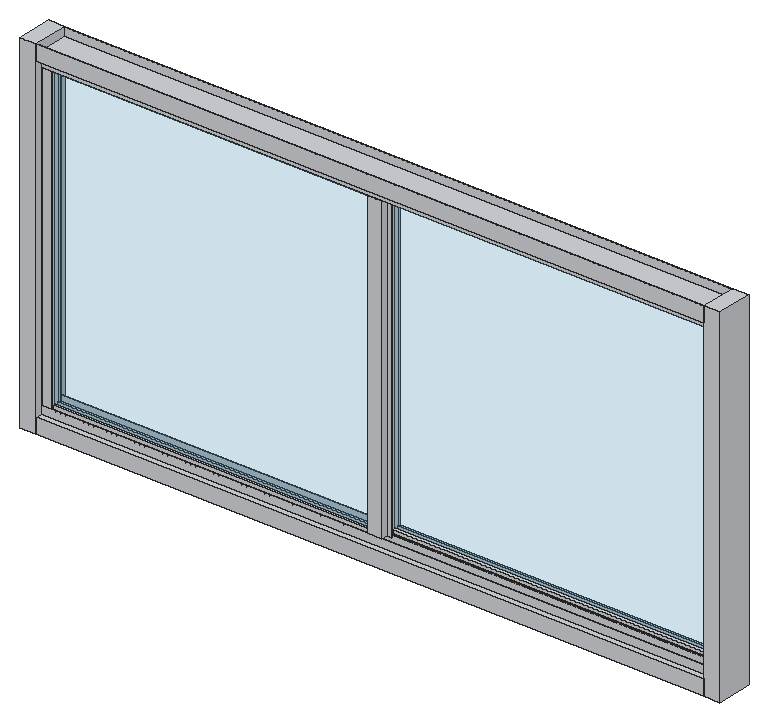
Revit family "MT-VMS_DB-SG_OX", category Windows, host Wall, Revit 2017 (continued)
Definition of nested family "VMS_DB-SG_OX_76mm"
  Definition of nested family "VMS_DB-SG_GLAZED PANEL"
    Definition of nested family "VMS_VM66_SILL DETAIL_FINE"
      Lines and regions (mm)
        model lines, in view "Ref. Level"
          curve 124: line (3.423, 26.672, 0) -> (3.121, 27.632, 0)
          curve 125: line (2.739, 27.912, 0) -> (0.8, 27.912, 0)
          curve 126: line (0, 27.112, 0) -> (0, 25.735, 0)
          curve 127: line (0, 13.679, 0) -> (0, 5.9, 0)
          curve 128: line (0.8, 5.9, 0) -> (0.8, 6.8, 0)
          curve 129: line (0.8, 6.8, 0) -> (2.1, 6.8, 0)
          curve 130: line (2.1, 6.8, 0) -> (2.1, 1.2, 0)
          curve 131: line (2.1, 1.2, 0) -> (0.8, 1.2, 0)
          curve 132: line (0.8, 1.2, 0) -> (0.8, 2.1, 0)
          curve 133: line (0, 2.1, 0) -> (0, 0.5, 0)
          curve 134: line (0.5, 0, 0) -> (3, 0, 0)
          curve 135: line (3.3, 0.3, 0) -> (3.3, 4.7, 0)
          curve 136: line (3.6, 5, 0) -> (10.176, 5, 0)
          curve 137: line (10.476, 4.7, 0) -> (10.476, 3.6, 0)
          curve 138: line (10.176, 3.3, 0) -> (9.692, 3.3, 0)
          curve 139: line (9.392, 3, 0) -> (9.392, 1.5, 0)
          curve 140: line (9.092, 1.2, 0) -> (7.692, 1.2, 0)
          curve 141: line (7.392, 0.9, 0) -> (7.392, 0.3, 0)
          curve 142: line (7.692, 0, 0) -> (11.548, 0, 0)
          curve 143: line (13.065, 4.124, 0) -> (12.513, 3.976, 0)
          curve 144: line (12.513, 3.976, 0) -> (12.365, 4.529, 0)
          curve 145: line (11.996, 5.14, 0) -> (11.576, 5.6, 0)
          curve 146: line (11.576, 5.6, 0) -> (11.996, 6.06, 0)
          curve 147: line (11.992, 7.426, 0) -> (11.154, 7.426, 0)
          curve 148: line (10.261, 6.2, 0) -> (3.6, 6.2, 0)
          curve 149: line (3.3, 6.5, 0) -> (3.3, 8, 0)
          curve 150: line (3.1, 8.2, 0) -> (1.4, 8.2, 0)
          curve 151: line (1.2, 8.4, 0) -> (1.2, 12.312, 0)
          curve 152: line (1.4, 12.512, 0) -> (25.5, 12.512, 0)
          curve 153: line (25.7, 12.312, 0) -> (25.7, 8.4, 0)
          curve 154: line (25.5, 8.2, 0) -> (23.8, 8.2, 0)
          curve 155: line (23.6, 8, 0) -> (23.6, 6.5, 0)
          curve 156: line (23.3, 6.2, 0) -> (16.639, 6.2, 0)
          curve 157: line (15.746, 7.426, 0) -> (14.908, 7.426, 0)
          curve 158: line (14.904, 6.06, 0) -> (15.324, 5.6, 0)
          curve 159: line (15.324, 5.6, 0) -> (14.904, 5.14, 0)
          curve 160: line (14.535, 4.529, 0) -> (14.387, 3.976, 0)
          curve 161: line (14.387, 3.976, 0) -> (13.835, 4.124, 0)
    Definition of nested family "VMS_VM66_SILL DETAIL_MEDIUM"
      Reference planes
        plane 1 "Center (Front/Back)": y = 0
        plane 2: z = 0
        plane 3 "Center (Left/Right)": x = 0
      Lines and regions (mm)
        model lines, in view "Ref. Level"
          curve 1: line (1.2, 5, 0) -> (25.7, 5, 0)
          curve 2: line (0, 0, 0) -> (26.9, 0, 0)
          curve 3: line (25.7, 1.2, 0) -> (1.2, 1.2, 0)
          curve 4: line (26.9, 0, 0) -> (26.9, 27.912, 0)
          curve 5: line (26.9, 27.912, 0) -> (25.7, 27.912, 0)
          curve 6: line (25.7, 13.912, 0) -> (1.2, 13.912, 0)
          curve 7: line (1.2, 27.912, 0) -> (0, 27.912, 0)
          curve 8: line (0, 27.112, 0) -> (0, 25.735, 0)
          curve 9: line (0, 27.912, 0) -> (0, 0, 0)
          curve 10: line (1.2, 1.2, 0) -> (1.2, 5, 0)
          curve 11: line (1.2, 12.512, 0) -> (25.7, 12.512, 0)
          curve 12: line (25.7, 27.912, 0) -> (25.7, 13.912, 0)
          curve 13: line (25.7, 6.2, 0) -> (1.2, 6.2, 0)
          curve 14: line (1.2, 13.912, 0) -> (1.2, 27.912, 0)
          curve 15: line (25.7, 12.512, 0) -> (25.7, 6.2, 0)
          curve 16: line (25.7, 5, 0) -> (25.7, 1.2, 0)
          curve 17: line (1.2, 6.2, 0) -> (1.2, 12.512, 0)
  Definition of nested family "VMS_VM11_SILL DETAIL_FINE"
    Reference planes
      plane 1 "Center (Front/Back)": y = 0
      plane 2: z = 0
      plane 3 "Center (Left/Right)": x = 0
    Lines and regions (mm)
      model lines, in view "Ref. Level"
        curve 1: arc (-6.776, -5.512, 0) -> (-6.841, -5.609, 0) -> (-6.864, -5.724, 0) r 0.3
        curve 2: arc (-5.466, -8.225, 0) -> (-5.192, -8.5, 0) -> (-4.817, -8.6, 0) r 0.75
        curve 3: arc (-4.817, -8.6, 0) -> (-4.167, -8.225, 0) -> (-4.167, -7.475, 0) r 0.75
        curve 4: arc (-4.864, -2.2, 0) -> (-4.571, -1.493, 0) -> (-3.864, -1.2, 0) r 1
        curve 5: arc (5.464, -1.2, 0) -> (6.171, -1.493, 0) -> (6.464, -2.2, 0) r 1
        curve 6: arc (5.767, -7.475, 0) -> (5.767, -8.225, 0) -> (6.417, -8.6, 0) r 0.75
        curve 7: arc (6.417, -8.6, 0) -> (6.792, -8.5, 0) -> (7.066, -8.225, 0) r 0.75
        curve 8: arc (8.464, -5.724, 0) -> (8.441, -5.609, 0) -> (8.376, -5.512, 0) r 0.3
        curve 9: arc (8.864, -2.1, 0) -> (8.951, -2.312, 0) -> (9.164, -2.4, 0) r 0.3
        curve 10: arc (9.55, -2.4, 0) -> (9.904, -2.254, 0) -> (10.05, -1.9, 0) r 0.5
        curve 11: arc (33.2, 0, 0) -> (33.412, 0.088, 0) -> (33.5, 0.3, 0) r 0.3
        curve 12: arc (33.5, 29.412, 0) -> (33.412, 29.624, 0) -> (33.2, 29.712, 0) r 0.3
        curve 13: arc (31.8, 29.712, 0) -> (31.588, 29.624, 0) -> (31.5, 29.412, 0) r 0.3
        curve 14: arc (31.5, 2.1, 0) -> (31.412, 1.888, 0) -> (31.2, 1.8, 0) r 0.3
        curve 15: arc (8.85, 1.8, 0) -> (8.638, 1.712, 0) -> (8.55, 1.5, 0) r 0.3
        curve 16: arc (8.55, 0.3, 0) -> (8.462, 0.088, 0) -> (8.25, 0, 0) r 0.3
        curve 17: arc (1.9, 0, 0) -> (1.688, 0.088, 0) -> (1.6, 0.3, 0) r 0.3
        curve 18: arc (1.6, 29.412, 0) -> (1.512, 29.624, 0) -> (1.3, 29.712, 0) r 0.3
        curve 19: arc (0.3, 29.712, 0) -> (0.088, 29.624, 0) -> (0, 29.412, 0) r 0.3
        curve 20: arc (0, 0.3, 0) -> (-0.088, 0.088, 0) -> (-0.3, 0, 0) r 0.3
        curve 21: arc (-8.15, 0, 0) -> (-8.362, -0.088, 0) -> (-8.45, -0.3, 0) r 0.3
        curve 22: arc (-8.45, -1.9, 0) -> (-8.304, -2.254, 0) -> (-7.95, -2.4, 0) r 0.5
        curve 23: arc (-7.564, -2.4, 0) -> (-7.351, -2.312, 0) -> (-7.264, -2.1, 0) r 0.3
        curve 24: line (-7.264, -2.1, 0) -> (-7.264, -1.5, 0)
        curve 25: line (-7.264, -1.5, 0) -> (-6.364, -1.5, 0)
        curve 26: line (-6.364, -1.5, 0) -> (-6.364, -5.1, 0)
        curve 27: line (-6.364, -5.1, 0) -> (-6.776, -5.512, 0)
        curve 28: line (-6.823, -5.874, 0) -> (-5.466, -8.225, 0)
        curve 29: line (-4.167, -7.475, 0) -> (-4.864, -6.269, 0)
        curve 30: line (-4.864, -6.269, 0) -> (-4.864, -2.2, 0)
        curve 31: line (-3.864, -1.2, 0) -> (5.464, -1.2, 0)
        curve 32: line (6.464, -2.2, 0) -> (6.464, -6.269, 0)
        curve 33: line (6.464, -6.269, 0) -> (5.767, -7.475, 0)
        curve 34: line (7.066, -8.225, 0) -> (8.423, -5.874, 0)
        curve 35: line (8.376, -5.512, 0) -> (7.964, -5.1, 0)
        curve 36: line (7.964, -5.1, 0) -> (7.964, -1.2, 0)
        curve 37: line (7.964, -1.2, 0) -> (8.864, -1.2, 0)
        curve 38: line (8.864, -1.2, 0) -> (8.864, -2.1, 0)
        curve 39: line (9.164, -2.4, 0) -> (9.55, -2.4, 0)
        curve 40: line (10.05, -1.9, 0) -> (10.05, 0, 0)
        curve 41: line (10.05, 0, 0) -> (33.2, 0, 0)
        curve 42: line (33.5, 0.3, 0) -> (33.5, 29.412, 0)
        curve 43: line (33.2, 29.712, 0) -> (31.8, 29.712, 0)
        curve 44: line (31.5, 29.412, 0) -> (31.5, 2.1, 0)
        curve 45: line (31.2, 1.8, 0) -> (8.85, 1.8, 0)
        curve 46: line (8.55, 1.5, 0) -> (8.55, 0.3, 0)
        curve 47: line (8.25, 0, 0) -> (1.9, 0, 0)
        curve 48: line (1.6, 0.3, 0) -> (1.6, 29.412, 0)
        curve 49: line (1.3, 29.712, 0) -> (0.3, 29.712, 0)
        curve 50: line (0, 29.412, 0) -> (0, 0.3, 0)
        curve 51: line (-0.3, 0, 0) -> (-8.15, 0, 0)
        curve 52: line (-8.45, -0.3, 0) -> (-8.45, -1.9, 0)
        curve 53: line (-7.95, -2.4, 0) -> (-7.564, -2.4, 0)
  Definition of nested family "MAIN FRAME 76MM_MEDIUM"
    Reference planes
      plane 1 "Center (Front/Back)": y = 0
      plane 2: z = 0
      plane 3 "Center (Left/Right)": x = 0
    Lines and regions (mm)
      detail lines, in view "Ref. Level"
        curve 1: line (0, 0, 0) -> (35, 0, 0)
        curve 2: line (35, 0, 0) -> (35, -76, 0)
        curve 3: line (35, -76, 0) -> (0, -76, 0)
        curve 4: line (0, 0, 0) -> (0, -1.8, 0)
        curve 5: line (0, -1.8, 0) -> (33.2, -1.8, 0)
        curve 6: line (33.2, -74.2, 0) -> (33.2, -1.8, 0)
        curve 7: line (0, -74.2, 0) -> (33.2, -74.2, 0)
        curve 8: line (0, -74.2, 0) -> (0, -76, 0)
  Definition of nested family "AS1C CAVITY MAIN FRAME"
    Reference planes
      plane 1 "Center (Front/Back)": y = 0
      plane 2: z = 0
      plane 3 "Center (Left/Right)": x = 0
    Lines and regions (mm)
      detail lines, in view "Ref. Level"
        curve 1: arc (-35, -73.2, 0) -> (-34.922, -73.041, 0) -> (-34.748, -73.007, 0) r 0.2
        curve 2: arc (-33.3, -70.8, 0) -> (-32.55, -70.05, 0) -> (-31.8, -70.8, 0) r 0.75
        curve 3: arc (-1.5, -66.578, 0) -> (-1.654, -66.316, 0) -> (-1.957, -66.322, 0) r 0.3
        curve 4: arc (-1.957, -66.322, 0) -> (-4.423, -66.877, 0) -> (-6.71, -65.804, 0) r 3.9
        curve 5: arc (-6.71, -65.804, 0) -> (-6.731, -64.567, 0) -> (-5.494, -64.546, 0) r 0.875
        curve 6: arc (-5.494, -64.546, 0) -> (-3.836, -65.144, 0) -> (-2.288, -64.3, 0) r 2.15
        curve 7: arc (-2.288, -61.7, 0) -> (-3.836, -60.856, 0) -> (-5.494, -61.454, 0) r 2.15
        curve 8: arc (-5.494, -61.454, 0) -> (-6.731, -61.433, 0) -> (-6.71, -60.196, 0) r 0.875
        curve 9: arc (-6.71, -60.196, 0) -> (-4.423, -59.123, 0) -> (-1.957, -59.678, 0) r 3.9
        curve 10: arc (-1.957, -59.678, 0) -> (-1.654, -59.684, 0) -> (-1.5, -59.422, 0) r 0.3
        curve 11: arc (-1.5, -53.73, 0) -> (-1.851, -52.695, 0) -> (-2.76, -52.088, 0) r 1.7
        curve 12: arc (-18.84, -47.78, 0) -> (-19.749, -47.172, 0) -> (-20.1, -46.138, 0) r 1.7
        curve 13: arc (-20.1, -29.862, 0) -> (-19.749, -28.827, 0) -> (-18.84, -28.22, 0) r 1.7
        curve 14: arc (-2.76, -23.912, 0) -> (-1.851, -23.304, 0) -> (-1.5, -22.27, 0) r 1.7
        curve 15: arc (-1.5, -16.578, 0) -> (-1.654, -16.316, 0) -> (-1.957, -16.322, 0) r 0.3
        curve 16: arc (-1.957, -16.322, 0) -> (-4.423, -16.877, 0) -> (-6.71, -15.804, 0) r 3.9
        curve 17: arc (-6.71, -15.804, 0) -> (-6.731, -14.567, 0) -> (-5.494, -14.546, 0) r 0.875
        curve 18: arc (-5.494, -14.546, 0) -> (-3.836, -15.144, 0) -> (-2.288, -14.3, 0) r 2.15
        curve 19: arc (-2.288, -11.7, 0) -> (-3.836, -10.856, 0) -> (-5.494, -11.454, 0) r 2.15
        curve 20: arc (-5.494, -11.454, 0) -> (-6.731, -11.433, 0) -> (-6.71, -10.196, 0) r 0.875
        curve 21: arc (-6.71, -10.196, 0) -> (-4.423, -9.123, 0) -> (-1.957, -9.678, 0) r 3.9
        curve 22: arc (-1.957, -9.678, 0) -> (-1.654, -9.684, 0) -> (-1.5, -9.422, 0) r 0.3
        curve 23: arc (-31.8, -5.2, 0) -> (-32.55, -5.95, 0) -> (-33.3, -5.2, 0) r 0.75
        curve 24: arc (-34.748, -2.993, 0) -> (-34.922, -2.959, 0) -> (-35, -2.8, 0) r 0.2
        curve 25: arc (-35, -0.4, 0) -> (-34.883, -0.117, 0) -> (-34.6, 0, 0) r 0.4
        curve 26: arc (-0.4, 0, 0) -> (-0.117, -0.117, 0) -> (0, -0.4, 0) r 0.4
        curve 27: arc (0, -28.2, 0) -> (-0.117, -28.483, 0) -> (-0.4, -28.6, 0) r 0.4
        curve 28: arc (-2.4, -29.868, 0) -> (-2.483, -30.111, 0) -> (-2.696, -30.254, 0) r 0.4
        curve 29: arc (-4.496, -30.736, 0) -> (-4.895, -30.62, 0) -> (-4.976, -30.213, 0) r 0.4
        curve 30: arc (-3.605, -26.446, 0) -> (-3.686, -26.039, 0) -> (-4.084, -25.923, 0) r 0.4
        curve 31: arc (-10.184, -27.557, 0) -> (-10.372, -27.709, 0) -> (-10.388, -27.95, 0) r 0.3
        curve 32: arc (-9.417, -30.619, 0) -> (-9.417, -30.755, 0) -> (-9.504, -30.86, 0) r 0.2
        curve 33: arc (-9.7, -30.973, 0) -> (-9.9, -30.973, 0) -> (-10, -30.8, 0) r 0.2
        curve 34: arc (-10, -30.747, 0) -> (-10.059, -30.606, 0) -> (-10.2, -30.547, 0) r 0.2
        curve 35: arc (-11.438, -30.547, 0) -> (-11.528, -30.526, 0) -> (-11.599, -30.466, 0) r 0.2
        curve 36: arc (-11.599, -30.466, 0) -> (-11.806, -30.087, 0) -> (-11.9, -29.664, 0) r 1.549
        curve 37: arc (-11.9, -28.408, 0) -> (-12.017, -28.17, 0) -> (-12.278, -28.118, 0) r 0.3
        curve 38: arc (-12.278, -47.882, 0) -> (-12.017, -47.83, 0) -> (-11.9, -47.592, 0) r 0.3
        curve 39: arc (-11.9, -46.336, 0) -> (-11.806, -45.913, 0) -> (-11.599, -45.533, 0) r 1.549
        curve 40: arc (-11.599, -45.533, 0) -> (-11.528, -45.474, 0) -> (-11.438, -45.453, 0) r 0.2
        curve 41: arc (-10.2, -45.453, 0) -> (-10.059, -45.394, 0) -> (-10, -45.253, 0) r 0.2
        curve 42: arc (-10, -45.2, 0) -> (-9.9, -45.027, 0) -> (-9.7, -45.027, 0) r 0.2
        curve 43: arc (-9.504, -45.14, 0) -> (-9.417, -45.244, 0) -> (-9.417, -45.381, 0) r 0.2
        curve 44: arc (-10.388, -48.05, 0) -> (-10.372, -48.291, 0) -> (-10.184, -48.443, 0) r 0.3
        curve 45: arc (-4.084, -50.077, 0) -> (-3.686, -49.961, 0) -> (-3.605, -49.554, 0) r 0.4
        curve 46: arc (-4.976, -45.787, 0) -> (-4.895, -45.38, 0) -> (-4.496, -45.264, 0) r 0.4
        curve 47: arc (-2.696, -45.746, 0) -> (-2.483, -45.889, 0) -> (-2.4, -46.132, 0) r 0.4
        curve 48: arc (-0.4, -47.4, 0) -> (-0.117, -47.517, 0) -> (0, -47.8, 0) r 0.4
        curve 49: arc (0, -75.6, 0) -> (-0.117, -75.883, 0) -> (-0.4, -76, 0) r 0.4
        curve 50: arc (-34.6, -76, 0) -> (-34.883, -75.883, 0) -> (-35, -75.6, 0) r 0.4
        curve 51: line (-34.748, -73.007, 0) -> (-33.3, -73.395, 0)
        curve 52: line (-33.3, -73.395, 0) -> (-33.3, -70.8, 0)
        curve 53: line (-31.8, -70.8, 0) -> (-31.8, -74.5, 0)
        curve 54: line (-31.8, -74.5, 0) -> (-1.5, -74.5, 0)
        curve 55: line (-1.5, -74.5, 0) -> (-1.5, -66.578, 0)
        curve 56: line (-2.288, -64.3, 0) -> (-1.5, -64.3, 0)
        curve 57: line (-1.5, -64.3, 0) -> (-1.5, -63, 0)
        curve 58: line (-1.5, -63, 0) -> (-1.5, -61.7, 0)
        curve 59: line (-1.5, -61.7, 0) -> (-2.288, -61.7, 0)
        curve 60: line (-1.5, -59.422, 0) -> (-1.5, -53.73, 0)
        curve 61: line (-2.76, -52.088, 0) -> (-18.84, -47.78, 0)
        curve 62: line (-20.1, -46.138, 0) -> (-20.1, -29.862, 0)
        curve 63: line (-18.84, -28.22, 0) -> (-2.76, -23.912, 0)
        curve 64: line (-1.5, -22.27, 0) -> (-1.5, -16.578, 0)
        curve 65: line (-2.288, -14.3, 0) -> (-1.5, -14.3, 0)
        curve 66: line (-1.5, -14.3, 0) -> (-1.5, -13, 0)
        curve 67: line (-1.5, -13, 0) -> (-1.5, -11.7, 0)
        curve 68: line (-1.5, -11.7, 0) -> (-2.288, -11.7, 0)
        curve 69: line (-1.5, -9.422, 0) -> (-1.5, -1.5, 0)
        curve 70: line (-1.5, -1.5, 0) -> (-31.8, -1.5, 0)
        curve 71: line (-31.8, -1.5, 0) -> (-31.8, -5.2, 0)
        curve 72: line (-33.3, -5.2, 0) -> (-33.3, -2.605, 0)
        curve 73: line (-33.3, -2.605, 0) -> (-34.748, -2.993, 0)
        curve 74: line (-35, -2.8, 0) -> (-35, -0.4, 0)
        curve 75: line (-34.6, 0, 0) -> (-0.4, 0, 0)
        curve 76: line (0, -0.4, 0) -> (0, -28.2, 0)
        curve 77: line (-0.4, -28.6, 0) -> (-2.4, -28.6, 0)
        curve 78: line (-2.4, -28.6, 0) -> (-2.4, -29.868, 0)
        curve 79: line (-2.696, -30.254, 0) -> (-4.496, -30.736, 0)
        curve 80: line (-4.976, -30.213, 0) -> (-3.605, -26.446, 0)
        curve 81: line (-4.084, -25.923, 0) -> (-10.184, -27.557, 0)
        curve 82: line (-10.388, -27.95, 0) -> (-9.417, -30.619, 0)
        curve 83: line (-9.504, -30.86, 0) -> (-9.7, -30.973, 0)
        curve 84: line (-10.2, -30.547, 0) -> (-11.438, -30.547, 0)
        curve 85: line (-11.9, -29.664, 0) -> (-11.9, -28.408, 0)
        curve 86: line (-12.278, -28.118, 0) -> (-18.5, -29.786, 0)
        curve 87: line (-18.5, -29.786, 0) -> (-18.5, -46.214, 0)
        curve 88: line (-18.5, -46.214, 0) -> (-12.278, -47.882, 0)
        curve 89: line (-11.9, -47.592, 0) -> (-11.9, -46.336, 0)
        curve 90: line (-11.438, -45.453, 0) -> (-10.2, -45.453, 0)
        curve 91: line (-9.7, -45.027, 0) -> (-9.504, -45.14, 0)
        curve 92: line (-9.417, -45.381, 0) -> (-10.388, -48.05, 0)
        curve 93: line (-10.184, -48.443, 0) -> (-4.084, -50.077, 0)
        curve 94: line (-3.605, -49.554, 0) -> (-4.976, -45.787, 0)
        curve 95: line (-4.496, -45.264, 0) -> (-2.696, -45.746, 0)
        curve 96: line (-2.4, -46.132, 0) -> (-2.4, -47.4, 0)
        curve 97: line (-2.4, -47.4, 0) -> (-0.4, -47.4, 0)
        curve 98: line (0, -47.8, 0) -> (0, -75.6, 0)
        curve 99: line (-0.4, -76, 0) -> (-34.6, -76, 0)
        curve 100: line (-35, -75.6, 0) -> (-35, -73.2, 0)
  Definition of nested family "VMS_VM8_HEAD DETAIL_MEDIUM"
    Reference planes
      plane 1 "Center (Front/Back)": y = 0
      plane 2: z = 0
      plane 3 "Center (Left/Right)": x = 0
    Lines and regions (mm)
      detail lines, in view "Ref. Level"
        curve 1: line (0, 0, 0) -> (0, -35, 0)
        curve 2: line (1.5, -14.5, 0) -> (74.5, -14.5, 0)
        curve 3: line (74.5, -14.5, 0) -> (74.5, 0, 0)
        curve 4: line (0, 0, 0) -> (1.5, 0, 0)
        curve 5: line (76, 0, 0) -> (76, -35, 0)
        curve 6: line (76, -35, 0) -> (70.5, -35, 0)
        curve 7: line (70.5, -35, 0) -> (70.5, -59, 0)
        curve 8: line (68.7, -59, 0) -> (68.7, -33.2, 0)
        curve 9: line (68.7, -33.2, 0) -> (74.2, -33.2, 0)
        curve 10: line (74.2, -33.2, 0) -> (74.2, -16.1, 0)
        curve 11: line (74.2, -16.1, 0) -> (38.8, -16.1, 0)
        curve 12: line (38.8, -16.1, 0) -> (38.8, -59, 0)
        curve 13: line (70.5, -59, 0) -> (68.7, -59, 0)
        curve 14: line (37.2, -59, 0) -> (37.2, -16.1, 0)
        curve 15: line (1.8, -16.1, 0) -> (1.8, -33.2, 0)
        curve 16: line (1.8, -33.2, 0) -> (7.3, -33.2, 0)
        curve 17: line (7.3, -33.2, 0) -> (7.3, -59, 0)
        curve 18: line (7.3, -59, 0) -> (5.5, -59, 0)
        curve 19: line (5.5, -59, 0) -> (5.5, -35, 0)
        curve 20: line (5.5, -35, 0) -> (0, -35, 0)
        curve 21: line (1.5, 0, 0) -> (1.5, -14.5, 0)
        curve 22: line (74.5, 0, 0) -> (76, 0, 0)
        curve 23: line (38.8, -59, 0) -> (37.2, -59, 0)
        curve 24: line (37.2, -16.1, 0) -> (1.8, -16.1, 0)
  Definition of nested family "VMS_VM8_HEAD DETAIL_FINE"
    Reference planes
      plane 1 "Center (Front/Back)": y = 0
      plane 2: z = 0
      plane 3 "Center (Left/Right)": x = 0
    Lines and regions (mm)
      model lines, in view "Ref. Level"
        curve 1: arc (9.146, -8.957, 0) -> (9.504, -8.091, 0) -> (10.37, -7.732, 0) r 1.224
        curve 2: arc (10.877, -7.732, 0) -> (11.54, -8.402, 0) -> (11.326, -9.319, 0) r 0.974
        curve 3: arc (11.326, -9.319, 0) -> (11.131, -9.63, 0) -> (10.993, -9.97, 0) r 2.1
        curve 4: arc (10.993, -11.204, 0) -> (11.181, -11.637, 0) -> (11.462, -12.017, 0) r 2.1
        curve 5: arc (12.531, -12.634, 0) -> (13, -12.687, 0) -> (13.469, -12.634, 0) r 2.1
        curve 6: arc (14.538, -12.017, 0) -> (14.819, -11.637, 0) -> (15.007, -11.204, 0) r 2.1
        curve 7: arc (15.007, -9.97, 0) -> (14.869, -9.63, 0) -> (14.674, -9.319, 0) r 2.1
        curve 8: arc (14.674, -9.319, 0) -> (14.46, -8.402, 0) -> (15.123, -7.732, 0) r 0.974
        curve 9: arc (15.63, -7.732, 0) -> (16.496, -8.091, 0) -> (16.854, -8.957, 0) r 1.224
        curve 10: arc (16.854, -11.635, 0) -> (16.306, -12.829, 0) -> (15.399, -13.78, 0) r 3.994
        curve 11: arc (15.399, -13.78, 0) -> (15.26, -14.227, 0) -> (15.64, -14.5, 0) r 0.4
        curve 12: arc (60.746, -14.5, 0) -> (61.007, -14.348, 0) -> (61.003, -14.046, 0) r 0.3
        curve 13: arc (61.003, -14.046, 0) -> (59.836, -13.025, 0) -> (59.146, -11.635, 0) r 3.994
        curve 14: arc (59.146, -8.957, 0) -> (59.504, -8.091, 0) -> (60.37, -7.732, 0) r 1.224
        curve 15: arc (60.868, -7.732, 0) -> (61.514, -8.349, 0) -> (61.394, -9.234, 0) r 0.982
        curve 16: arc (61.394, -9.234, 0) -> (61.156, -9.581, 0) -> (60.993, -9.97, 0) r 2.1
        curve 17: arc (60.993, -11.204, 0) -> (61.181, -11.637, 0) -> (61.462, -12.017, 0) r 2.1
        curve 18: arc (62.531, -12.634, 0) -> (63, -12.687, 0) -> (63.469, -12.634, 0) r 2.1
        curve 19: arc (64.538, -12.017, 0) -> (64.819, -11.637, 0) -> (65.007, -11.204, 0) r 2.1
        curve 20: arc (65.007, -9.97, 0) -> (64.843, -9.58, 0) -> (64.603, -9.23, 0) r 2.1
        curve 21: arc (64.603, -9.23, 0) -> (64.477, -8.348, 0) -> (65.123, -7.732, 0) r 0.974
        curve 22: arc (65.63, -7.732, 0) -> (66.496, -8.091, 0) -> (66.854, -8.957, 0) r 1.224
        curve 23: arc (66.854, -11.635, 0) -> (66.306, -12.829, 0) -> (65.399, -13.78, 0) r 3.994
        curve 24: arc (65.399, -13.78, 0) -> (65.26, -14.227, 0) -> (65.64, -14.5, 0) r 0.4
        curve 25: arc (70.8, -3.2, 0) -> (70.05, -2.45, 0) -> (70.8, -1.7, 0) r 0.75
        curve 26: arc (73.007, -0.252, 0) -> (73.041, -0.078, 0) -> (73.2, 0, 0) r 0.2
        curve 27: arc (75.6, 0, 0) -> (75.883, -0.117, 0) -> (76, -0.4, 0) r 0.4
        curve 28: arc (76, -34.7, 0) -> (75.912, -34.912, 0) -> (75.7, -35, 0) r 0.3
        curve 29: arc (70.8, -35, 0) -> (70.588, -35.088, 0) -> (70.5, -35.3, 0) r 0.3
        curve 30: arc (70.5, -58.7, 0) -> (70.412, -58.912, 0) -> (70.2, -59, 0) r 0.3
        curve 31: arc (69, -59, 0) -> (68.788, -58.912, 0) -> (68.7, -58.7, 0) r 0.3
        curve 32: arc (68.7, -33.5, 0) -> (68.788, -33.288, 0) -> (69, -33.2, 0) r 0.3
        curve 33: arc (73.9, -33.2, 0) -> (74.112, -33.112, 0) -> (74.2, -32.9, 0) r 0.3
        curve 34: arc (74.2, -17.1, 0) -> (73.907, -16.393, 0) -> (73.2, -16.1, 0) r 1
        curve 35: arc (39.8, -16.1, 0) -> (39.093, -16.393, 0) -> (38.8, -17.1, 0) r 1
        curve 36: arc (38.8, -58.7, 0) -> (38.712, -58.912, 0) -> (38.5, -59, 0) r 0.3
        curve 37: arc (37.5, -59, 0) -> (37.288, -58.912, 0) -> (37.2, -58.7, 0) r 0.3
        curve 38: arc (37.2, -17.1, 0) -> (36.907, -16.393, 0) -> (36.2, -16.1, 0) r 1
        curve 39: arc (2.8, -16.1, 0) -> (2.093, -16.393, 0) -> (1.8, -17.1, 0) r 1
        curve 40: arc (1.8, -32.9, 0) -> (1.888, -33.112, 0) -> (2.1, -33.2, 0) r 0.3
        curve 41: arc (7, -33.2, 0) -> (7.212, -33.288, 0) -> (7.3, -33.5, 0) r 0.3
        curve 42: arc (7.3, -58.7, 0) -> (7.212, -58.912, 0) -> (7, -59, 0) r 0.3
        curve 43: arc (5.8, -59, 0) -> (5.588, -58.912, 0) -> (5.5, -58.7, 0) r 0.3
        curve 44: arc (5.5, -35.3, 0) -> (5.412, -35.088, 0) -> (5.2, -35, 0) r 0.3
        curve 45: arc (0.3, -35, 0) -> (0.088, -34.912, 0) -> (0, -34.7, 0) r 0.3
        curve 46: arc (0, -0.4, 0) -> (0.117, -0.117, 0) -> (0.4, 0, 0) r 0.4
        curve 47: arc (2.8, 0, 0) -> (2.959, -0.078, 0) -> (2.993, -0.252, 0) r 0.2
        curve 48: arc (5.2, -1.7, 0) -> (5.95, -2.45, 0) -> (5.2, -3.2, 0) r 0.75
        curve 49: line (9.146, -11.635, 0) -> (9.146, -8.957, 0)
        curve 50: line (10.37, -7.732, 0) -> (10.877, -7.732, 0)
        curve 51: line (10.993, -9.97, 0) -> (10.376, -10.587, 0)
        curve 52: line (10.376, -10.587, 0) -> (10.993, -11.204, 0)
        curve 53: line (11.462, -12.017, 0) -> (11.688, -12.859, 0)
        curve 54: line (11.688, -12.859, 0) -> (12.531, -12.634, 0)
        curve 55: line (13.469, -12.634, 0) -> (14.312, -12.859, 0)
        curve 56: line (14.312, -12.859, 0) -> (14.538, -12.017, 0)
        curve 57: line (15.007, -11.204, 0) -> (15.624, -10.587, 0)
        curve 58: line (15.624, -10.587, 0) -> (15.007, -9.97, 0)
        curve 59: line (15.123, -7.732, 0) -> (15.63, -7.732, 0)
        curve 60: line (16.854, -8.957, 0) -> (16.854, -11.635, 0)
        curve 61: line (15.64, -14.5, 0) -> (60.746, -14.5, 0)
        curve 62: line (59.146, -11.635, 0) -> (59.146, -8.957, 0)
        curve 63: line (60.37, -7.732, 0) -> (60.868, -7.732, 0)
        curve 64: line (60.993, -9.97, 0) -> (60.376, -10.587, 0)
        curve 65: line (60.376, -10.587, 0) -> (60.993, -11.204, 0)
        curve 66: line (61.462, -12.017, 0) -> (61.688, -12.859, 0)
        curve 67: line (61.688, -12.859, 0) -> (62.531, -12.634, 0)
        curve 68: line (63.469, -12.634, 0) -> (64.312, -12.859, 0)
        curve 69: line (64.312, -12.859, 0) -> (64.538, -12.017, 0)
        curve 70: line (65.007, -11.204, 0) -> (65.624, -10.587, 0)
        curve 71: line (65.624, -10.587, 0) -> (65.007, -9.97, 0)
        curve 72: line (65.123, -7.732, 0) -> (65.63, -7.732, 0)
        curve 73: line (66.854, -8.957, 0) -> (66.854, -11.635, 0)
        curve 74: line (65.64, -14.5, 0) -> (74.5, -14.5, 0)
        curve 75: line (74.5, -14.5, 0) -> (74.5, -3.2, 0)
        curve 76: line (74.5, -3.2, 0) -> (70.8, -3.2, 0)
        curve 77: line (70.8, -1.7, 0) -> (73.395, -1.7, 0)
        curve 78: line (73.395, -1.7, 0) -> (73.007, -0.252, 0)
        curve 79: line (73.2, 0, 0) -> (75.6, 0, 0)
        curve 80: line (76, -0.4, 0) -> (76, -34.7, 0)
        curve 81: line (75.7, -35, 0) -> (70.8, -35, 0)
        curve 82: line (70.5, -35.3, 0) -> (70.5, -58.7, 0)
        curve 83: line (70.2, -59, 0) -> (69, -59, 0)
        curve 84: line (68.7, -58.7, 0) -> (68.7, -33.5, 0)
        curve 85: line (69, -33.2, 0) -> (73.9, -33.2, 0)
        curve 86: line (74.2, -32.9, 0) -> (74.2, -17.1, 0)
        curve 87: line (73.2, -16.1, 0) -> (39.8, -16.1, 0)
        curve 88: line (38.8, -17.1, 0) -> (38.8, -58.7, 0)
        curve 89: line (38.5, -59, 0) -> (37.5, -59, 0)
        curve 90: line (37.2, -58.7, 0) -> (37.2, -17.1, 0)
        curve 91: line (36.2, -16.1, 0) -> (2.8, -16.1, 0)
        curve 92: line (1.8, -17.1, 0) -> (1.8, -32.9, 0)
        curve 93: line (2.1, -33.2, 0) -> (7, -33.2, 0)
        curve 94: line (7.3, -33.5, 0) -> (7.3, -58.7, 0)
        curve 95: line (7, -59, 0) -> (5.8, -59, 0)
        curve 96: line (5.5, -58.7, 0) -> (5.5, -35.3, 0)
        curve 97: line (5.2, -35, 0) -> (0.3, -35, 0)
        curve 98: line (0, -34.7, 0) -> (0, -0.4, 0)
        curve 99: line (0.4, 0, 0) -> (2.8, 0, 0)
        curve 100: line (2.993, -0.252, 0) -> (2.605, -1.7, 0)
        curve 101: line (2.605, -1.7, 0) -> (5.2, -1.7, 0)
        curve 102: line (5.2, -3.2, 0) -> (1.5, -3.2, 0)
        curve 103: line (1.5, -3.2, 0) -> (1.5, -14.5, 0)
        curve 104: line (1.5, -14.5, 0) -> (10.36, -14.5, 0)
        curve 105: arc (10.36, -14.5, 0) -> (10.74, -14.227, 0) -> (10.601, -13.78, 0) r 0.4
        curve 106: arc (10.601, -13.78, 0) -> (9.694, -12.829, 0) -> (9.146, -11.635, 0) r 3.994
  Definition of nested family "VMS_VM10_BOT DETAIL_MEDIUM"
    Reference planes
      plane 1 "Center (Front/Back)": y = 0
      plane 2: z = 0
      plane 3 "Center (Left/Right)": x = 0
    Lines and regions (mm)
      detail lines, in view "Ref. Level"
        curve 1: line (70.183, 29.678, 0) -> (74.4, 26.464, 0)
        curve 2: line (74.4, 26.464, 0) -> (74.4, 19.696, 0)
        curve 3: line (74.4, 19.696, 0) -> (36.6, 19.696, 0)
        curve 4: line (36.6, 19.696, 0) -> (36.6, 15.948, 0)
        curve 5: line (36.6, 15.948, 0) -> (1.5, 15.948, 0)
        curve 6: line (1.5, 26.54, 0) -> (5.689, 29.678, 0)
        curve 7: line (5.689, 29.678, 0) -> (70.183, 29.678, 0)
        curve 8: line (1.5, 14.448, 0) -> (38, 14.448, 0)
        curve 9: line (38, 14.448, 0) -> (38, 18.196, 0)
        curve 10: line (38, 18.196, 0) -> (74.4, 18.196, 0)
        curve 11: line (76, 0, 0) -> (76, 27.256, 0)
        curve 12: line (76, 27.256, 0) -> (70.723, 31.278, 0)
        curve 13: line (70.723, 31.278, 0) -> (70.723, 56.143, 0)
        curve 14: line (70.723, 56.143, 0) -> (68.723, 56.143, 0)
        curve 15: line (68.723, 56.143, 0) -> (68.723, 31.278, 0)
        curve 16: line (68.723, 31.278, 0) -> (38.823, 31.278, 0)
        curve 17: line (38.823, 31.278, 0) -> (38.823, 56.143, 0)
        curve 18: line (38.823, 56.143, 0) -> (37.223, 56.143, 0)
        curve 19: line (37.223, 56.143, 0) -> (37.223, 31.278, 0)
        curve 20: line (37.223, 31.278, 0) -> (7.323, 31.278, 0)
        curve 21: line (7.323, 31.278, 0) -> (7.323, 56.143, 0)
        curve 22: line (7.323, 56.143, 0) -> (5.323, 56.143, 0)
        curve 23: line (5.323, 56.143, 0) -> (5.323, 31.278, 0)
        curve 24: line (5.323, 31.278, 0) -> (0, 27.291, 0)
        curve 25: line (0, 27.291, 0) -> (0, 0, 0)
        curve 26: line (0, 0, 0) -> (1.5, 0, 0)
        curve 27: line (1.5, 0, 0) -> (1.5, 14.448, 0)
        curve 28: line (1.5, 15.948, 0) -> (1.5, 26.54, 0)
        curve 29: line (76, 0, 0) -> (74.4, 0, 0)
        curve 30: line (74.4, 18.196, 0) -> (74.4, 0, 0)
  Definition of nested family "VMS_VM10_BOT DETAIL_FINE"
    Reference planes
      plane 1 "Center (Front/Back)": y = 0
      plane 2: z = 0
      plane 3 "Center (Left/Right)": x = 0
    Lines and regions (mm)
      model lines, in view "Ref. Level"
        curve 1: arc (69.913, 29.678, 0) -> (70.169, 29.636, 0) -> (70.398, 29.515, 0) r 0.8
        curve 2: arc (74.243, 26.584, 0) -> (74.359, 26.443, 0) -> (74.4, 26.265, 0) r 0.4
        curve 3: arc (74.4, 19.995, 0) -> (74.312, 19.784, 0) -> (74.1, 19.696, 0) r 0.3
        curve 4: arc (36.461, 19.709, 0) -> (36.168, 19.595, 0) -> (36.048, 19.303, 0) r 0.4
        curve 5: arc (36.048, 19.303, 0) -> (36.163, 19.016, 0) -> (36.448, 18.896, 0) r 0.4
        curve 6: arc (36.6, 16.448, 0) -> (36.454, 16.095, 0) -> (36.1, 15.948, 0) r 0.5
        curve 7: arc (5.763, 22.386, 0) -> (5.704, 22.528, 0) -> (5.563, 22.586, 0) r 0.2
        curve 8: arc (5.554, 22.586, 0) -> (5.413, 22.645, 0) -> (5.354, 22.786, 0) r 0.2
        curve 9: arc (5.354, 25.256, 0) -> (4.768, 26.67, 0) -> (3.354, 27.256, 0) r 2
        curve 10: arc (3.056, 27.256, 0) -> (2.867, 27.393, 0) -> (2.937, 27.616, 0) r 0.2
        curve 11: arc (5.476, 29.519, 0) -> (5.703, 29.637, 0) -> (5.956, 29.678, 0) r 0.8
        curve 12: arc (19.373, 29.678, 0) -> (19.727, 29.825, 0) -> (19.873, 30.178, 0) r 0.5
        curve 13: arc (19.873, 31.416, 0) -> (19.961, 31.628, 0) -> (20.173, 31.716, 0) r 0.3
        curve 14: arc (24.373, 31.716, 0) -> (24.586, 31.628, 0) -> (24.673, 31.416, 0) r 0.3
        curve 15: arc (24.673, 30.178, 0) -> (24.82, 29.825, 0) -> (25.173, 29.678, 0) r 0.5
        curve 16: arc (32.5, 29.678, 0) -> (32.712, 29.591, 0) -> (32.8, 29.378, 0) r 0.3
        curve 17: arc (32.8, 26.678, 0) -> (33.093, 25.971, 0) -> (33.8, 25.678, 0) r 1
        curve 18: arc (34, 25.678, 0) -> (34.566, 25.913, 0) -> (34.8, 26.478, 0) r 0.8
        curve 19: arc (34.8, 27.36, 0) -> (35.8, 29.978, 0) -> (36.8, 27.36, 0) r 1.5
        curve 20: arc (36.8, 26.478, 0) -> (37.034, 25.913, 0) -> (37.6, 25.678, 0) r 0.8
        curve 21: arc (37.8, 25.678, 0) -> (38.507, 25.971, 0) -> (38.8, 26.678, 0) r 1
        curve 22: arc (38.8, 29.377, 0) -> (38.888, 29.589, 0) -> (39.1, 29.677, 0) r 0.3
        curve 23: arc (50.873, 29.678, 0) -> (51.227, 29.825, 0) -> (51.373, 30.178, 0) r 0.5
        curve 24: arc (51.373, 31.416, 0) -> (51.461, 31.628, 0) -> (51.673, 31.716, 0) r 0.3
        curve 25: arc (55.873, 31.716, 0) -> (56.086, 31.628, 0) -> (56.173, 31.416, 0) r 0.3
        curve 26: arc (56.173, 30.178, 0) -> (56.32, 29.825, 0) -> (56.673, 29.678, 0) r 0.5
        curve 27: arc (13.469, 12.634, 0) -> (13, 12.687, 0) -> (12.531, 12.634, 0) r 2.1
        curve 28: arc (15.007, 11.204, 0) -> (14.819, 11.637, 0) -> (14.538, 12.017, 0) r 2.1
        curve 29: arc (14.603, 9.23, 0) -> (14.843, 9.58, 0) -> (15.007, 9.97, 0) r 2.1
        curve 30: arc (14.603, 9.23, 0) -> (14.477, 8.348, 0) -> (15.123, 7.732, 0) r 0.974
        curve 31: arc (15.63, 7.732, 0) -> (16.496, 8.091, 0) -> (16.854, 8.957, 0) r 1.224
        curve 32: arc (16.854, 11.635, 0) -> (16.147, 13.047, 0) -> (14.948, 14.074, 0) r 3.994
        curve 33: arc (15.046, 14.448, 0) -> (14.852, 14.299, 0) -> (14.948, 14.074, 0) r 0.2
        curve 34: arc (37.5, 14.448, 0) -> (37.854, 14.595, 0) -> (38, 14.948, 0) r 0.5
        curve 35: arc (38.3, 18.196, 0) -> (38.088, 18.109, 0) -> (38, 17.896, 0) r 0.3
        curve 36: arc (62.25, 17.896, 0) -> (62.162, 18.109, 0) -> (61.95, 18.196, 0) r 0.3
        curve 37: arc (62.25, 14.51, 0) -> (60.286, 13.517, 0) -> (59.146, 11.635, 0) r 3.994
        curve 38: arc (59.146, 8.957, 0) -> (59.504, 8.091, 0) -> (60.37, 7.732, 0) r 1.224
        curve 39: arc (60.868, 7.732, 0) -> (61.514, 8.349, 0) -> (61.394, 9.234, 0) r 0.982
        curve 40: arc (60.993, 9.97, 0) -> (61.156, 9.581, 0) -> (61.394, 9.234, 0) r 2.1
        curve 41: arc (61.462, 12.017, 0) -> (61.181, 11.637, 0) -> (60.993, 11.204, 0) r 2.1
        curve 42: arc (63.469, 12.634, 0) -> (63, 12.687, 0) -> (62.531, 12.634, 0) r 2.1
        curve 43: arc (65.007, 11.204, 0) -> (64.819, 11.637, 0) -> (64.538, 12.017, 0) r 2.1
        curve 44: arc (64.603, 9.23, 0) -> (64.843, 9.58, 0) -> (65.007, 9.97, 0) r 2.1
        curve 45: arc (64.603, 9.23, 0) -> (64.477, 8.348, 0) -> (65.123, 7.732, 0) r 0.974
        curve 46: arc (65.63, 7.732, 0) -> (66.496, 8.091, 0) -> (66.854, 8.957, 0) r 1.224
        curve 47: arc (66.854, 11.635, 0) -> (65.714, 13.517, 0) -> (63.75, 14.51, 0) r 3.994
        curve 48: arc (64.05, 18.196, 0) -> (63.838, 18.109, 0) -> (63.75, 17.896, 0) r 0.3
        curve 49: arc (74.5, 17.896, 0) -> (74.412, 18.109, 0) -> (74.2, 18.196, 0) r 0.3
        curve 50: arc (74.2, 3.2, 0) -> (74.412, 3.288, 0) -> (74.5, 3.5, 0) r 0.3
        curve 51: arc (70.8, 3.2, 0) -> (70.05, 2.45, 0) -> (70.8, 1.7, 0) r 0.75
        curve 52: arc (73.007, 0.252, 0) -> (73.041, 0.078, 0) -> (73.2, 0, 0) r 0.2
        curve 53: arc (75.7, 0, 0) -> (75.912, 0.088, 0) -> (76, 0.3, 0) r 0.3
        curve 54: arc (76, 26.266, 0) -> (75.792, 27.153, 0) -> (75.213, 27.856, 0) r 2
        curve 55: arc (70.723, 32.269, 0) -> (70.931, 31.381, 0) -> (71.511, 30.678, 0) r 2
        curve 56: arc (70.723, 55.843, 0) -> (70.636, 56.055, 0) -> (70.423, 56.143, 0) r 0.3
        curve 57: arc (69.023, 56.143, 0) -> (68.811, 56.055, 0) -> (68.723, 55.843, 0) r 0.3
        curve 58: arc (68.423, 31.278, 0) -> (68.636, 31.366, 0) -> (68.723, 31.578, 0) r 0.3
        curve 59: arc (57.773, 31.578, 0) -> (57.861, 31.366, 0) -> (58.074, 31.278, 0) r 0.3
        curve 60: arc (57.773, 32.274, 0) -> (57.662, 32.588, 0) -> (57.377, 32.763, 0) r 0.5
        curve 61: arc (50.169, 32.763, 0) -> (49.885, 32.588, 0) -> (49.773, 32.274, 0) r 0.5
        curve 62: arc (49.473, 31.278, 0) -> (49.686, 31.366, 0) -> (49.773, 31.578, 0) r 0.3
        curve 63: arc (38.823, 31.578, 0) -> (38.911, 31.366, 0) -> (39.123, 31.278, 0) r 0.3
        curve 64: arc (38.823, 55.843, 0) -> (38.736, 56.055, 0) -> (38.523, 56.143, 0) r 0.3
        curve 65: arc (37.523, 56.143, 0) -> (37.311, 56.055, 0) -> (37.223, 55.843, 0) r 0.3
        curve 66: arc (36.923, 31.278, 0) -> (37.136, 31.366, 0) -> (37.223, 31.578, 0) r 0.3
        curve 67: arc (26.273, 31.578, 0) -> (26.361, 31.366, 0) -> (26.573, 31.278, 0) r 0.3
        curve 68: arc (26.273, 32.274, 0) -> (26.162, 32.588, 0) -> (25.877, 32.763, 0) r 0.5
        curve 69: arc (18.669, 32.763, 0) -> (18.385, 32.588, 0) -> (18.273, 32.274, 0) r 0.5
        curve 70: arc (17.973, 31.278, 0) -> (18.186, 31.366, 0) -> (18.273, 31.578, 0) r 0.3
        curve 71: arc (7.323, 31.578, 0) -> (7.411, 31.366, 0) -> (7.623, 31.278, 0) r 0.3
        curve 72: arc (7.323, 55.843, 0) -> (7.236, 56.055, 0) -> (7.023, 56.143, 0) r 0.3
        curve 73: arc (5.623, 56.143, 0) -> (5.411, 56.055, 0) -> (5.323, 55.843, 0) r 0.3
        curve 74: arc (4.523, 30.678, 0) -> (5.112, 31.384, 0) -> (5.323, 32.279, 0) r 2
        curve 75: arc (0.755, 27.856, 0) -> (0.165, 27.15, 0) -> (-0.046, 26.255, 0) r 2
        curve 76: arc (-0.046, 24.056, 0) -> (0.393, 22.995, 0) -> (1.454, 22.556, 0) r 1.5
        curve 77: arc (1.454, 22.556, 0) -> (1.595, 22.615, 0) -> (1.654, 22.756, 0) r 0.2
        curve 78: arc (3.654, 23.438, 0) -> (2.654, 26.056, 0) -> (1.654, 23.438, 0) r 1.5
        curve 79: arc (3.654, 22.986, 0) -> (3.771, 22.703, 0) -> (4.054, 22.586, 0) r 0.4
        curve 80: arc (4.263, 22.386, 0) -> (4.204, 22.528, 0) -> (4.063, 22.586, 0) r 0.2
        curve 81: arc (3.423, 15.948, 0) -> (2.923, 15.448, 0) -> (3.423, 14.948, 0) r 0.5
        curve 82: arc (3.163, 12.436, 0) -> (3.375, 12.525, 0) -> (3.463, 12.738, 0) r 0.3
        curve 83: arc (2, 12.436, 0) -> (0.586, 11.85, 0) -> (0, 10.436, 0) r 2
        curve 84: arc (0, 0.3, 0) -> (0.088, 0.088, 0) -> (0.3, 0, 0) r 0.3
        curve 85: arc (2.8, 0, 0) -> (2.959, 0.078, 0) -> (2.993, 0.252, 0) r 0.2
        curve 86: arc (5.2, 1.7, 0) -> (5.95, 2.45, 0) -> (5.2, 3.2, 0) r 0.75
        curve 87: arc (1.5, 3.5, 0) -> (1.588, 3.288, 0) -> (1.8, 3.2, 0) r 0.3
        curve 88: arc (2, 10.936, 0) -> (1.645, 10.788, 0) -> (1.5, 10.432, 0) r 0.5
        curve 89: arc (3.963, 10.936, 0) -> (4.67, 11.229, 0) -> (4.963, 11.936, 0) r 1
        curve 90: arc (11.052, 14.074, 0) -> (11.148, 14.299, 0) -> (10.955, 14.448, 0) r 0.2
        curve 91: arc (11.052, 14.074, 0) -> (9.853, 13.047, 0) -> (9.146, 11.635, 0) r 3.994
        curve 92: arc (9.146, 8.957, 0) -> (9.504, 8.091, 0) -> (10.37, 7.732, 0) r 1.224
        curve 93: arc (10.868, 7.732, 0) -> (11.514, 8.349, 0) -> (11.394, 9.234, 0) r 0.982
        curve 94: arc (10.993, 9.97, 0) -> (11.156, 9.581, 0) -> (11.394, 9.234, 0) r 2.1
        curve 95: arc (11.462, 12.017, 0) -> (11.181, 11.637, 0) -> (10.993, 11.204, 0) r 2.1
        curve 96: line (56.673, 29.678, 0) -> (69.913, 29.678, 0)
        curve 97: line (70.398, 29.515, 0) -> (74.243, 26.584, 0)
        curve 98: line (74.4, 26.265, 0) -> (74.4, 19.995, 0)
        curve 99: line (74.1, 19.696, 0) -> (36.461, 19.696, 0)
        curve 100: line (36.6, 18.896, 0) -> (36.6, 16.448, 0)
        curve 101: line (36.1, 15.948, 0) -> (5.763, 15.948, 0)
        curve 102: line (5.763, 15.948, 0) -> (5.763, 22.386, 0)
        curve 103: line (5.354, 22.786, 0) -> (5.354, 25.256, 0)
        curve 104: line (3.354, 27.256, 0) -> (3.056, 27.256, 0)
        curve 105: line (2.937, 27.616, 0) -> (5.476, 29.519, 0)
        curve 106: line (5.956, 29.678, 0) -> (19.373, 29.678, 0)
        curve 107: line (19.873, 30.178, 0) -> (19.873, 31.416, 0)
        curve 108: line (20.173, 31.716, 0) -> (24.373, 31.716, 0)
        curve 109: line (24.673, 31.416, 0) -> (24.673, 30.178, 0)
        curve 110: line (25.173, 29.678, 0) -> (32.5, 29.678, 0)
        curve 111: line (32.8, 29.378, 0) -> (32.8, 26.678, 0)
        curve 112: line (33.8, 25.678, 0) -> (34, 25.678, 0)
        curve 113: line (34.8, 26.478, 0) -> (34.8, 27.36, 0)
        curve 114: line (36.8, 27.36, 0) -> (36.8, 26.478, 0)
        curve 115: line (37.6, 25.678, 0) -> (37.8, 25.678, 0)
        curve 116: line (38.8, 26.678, 0) -> (38.8, 29.377, 0)
        curve 117: line (39.1, 29.677, 0) -> (50.873, 29.677, 0)
        curve 118: line (51.373, 30.178, 0) -> (51.373, 31.416, 0)
        curve 119: line (51.673, 31.716, 0) -> (55.873, 31.716, 0)
        curve 120: line (56.173, 31.416, 0) -> (56.173, 30.178, 0)
        curve 121: line (11.462, 12.017, 0) -> (11.688, 12.859, 0)
        curve 122: line (11.688, 12.859, 0) -> (12.531, 12.634, 0)
        curve 123: line (13.469, 12.634, 0) -> (14.312, 12.859, 0)
        curve 124: line (14.312, 12.859, 0) -> (14.538, 12.017, 0)
        curve 125: line (15.007, 11.204, 0) -> (15.624, 10.587, 0)
        curve 126: line (15.624, 10.587, 0) -> (15.007, 9.97, 0)
        curve 127: line (15.123, 7.732, 0) -> (15.63, 7.732, 0)
        curve 128: line (16.854, 8.957, 0) -> (16.854, 11.635, 0)
        curve 129: line (15.046, 14.448, 0) -> (37.5, 14.448, 0)
        curve 130: line (38, 14.948, 0) -> (38, 17.896, 0)
        curve 131: line (38.3, 18.196, 0) -> (61.95, 18.196, 0)
        curve 132: line (62.25, 17.896, 0) -> (62.25, 14.51, 0)
        curve 133: line (59.146, 11.635, 0) -> (59.146, 8.957, 0)
        curve 134: line (60.37, 7.732, 0) -> (60.868, 7.732, 0)
        curve 135: line (60.993, 9.97, 0) -> (60.376, 10.587, 0)
        curve 136: line (60.376, 10.587, 0) -> (60.993, 11.204, 0)
        curve 137: line (61.462, 12.017, 0) -> (61.688, 12.859, 0)
        curve 138: line (61.688, 12.859, 0) -> (62.531, 12.634, 0)
        curve 139: line (63.469, 12.634, 0) -> (64.312, 12.859, 0)
        curve 140: line (64.312, 12.859, 0) -> (64.538, 12.017, 0)
        curve 141: line (65.007, 11.204, 0) -> (65.624, 10.587, 0)
        curve 142: line (65.624, 10.587, 0) -> (65.007, 9.97, 0)
        curve 143: line (65.123, 7.732, 0) -> (65.63, 7.732, 0)
        curve 144: line (66.854, 8.957, 0) -> (66.854, 11.635, 0)
        curve 145: line (63.75, 14.51, 0) -> (63.75, 17.896, 0)
        curve 146: line (64.05, 18.196, 0) -> (74.2, 18.196, 0)
        curve 147: line (74.5, 17.896, 0) -> (74.5, 3.5, 0)
        curve 148: line (74.2, 3.2, 0) -> (70.8, 3.2, 0)
        curve 149: line (70.8, 1.7, 0) -> (73.395, 1.7, 0)
        curve 150: line (73.395, 1.7, 0) -> (73.007, 0.252, 0)
        curve 151: line (73.2, 0, 0) -> (75.7, 0, 0)
        curve 152: line (76, 0.3, 0) -> (76, 26.266, 0)
        curve 153: line (75.213, 27.856, 0) -> (71.511, 30.678, 0)
        curve 154: line (70.723, 32.269, 0) -> (70.723, 55.843, 0)
        curve 155: line (70.423, 56.143, 0) -> (69.023, 56.143, 0)
        curve 156: line (68.723, 55.843, 0) -> (68.723, 31.578, 0)
        curve 157: line (68.423, 31.278, 0) -> (58.074, 31.278, 0)
        curve 158: line (57.773, 31.578, 0) -> (57.773, 32.274, 0)
        curve 159: line (57.377, 32.763, 0) -> (54.773, 33.316, 0)
        curve 160: line (54.773, 33.316, 0) -> (52.773, 33.316, 0)
        curve 161: line (52.773, 33.316, 0) -> (50.169, 32.763, 0)
        curve 162: line (49.773, 32.274, 0) -> (49.773, 31.578, 0)
        curve 163: line (49.473, 31.278, 0) -> (39.123, 31.278, 0)
        curve 164: line (38.823, 31.578, 0) -> (38.823, 55.843, 0)
        curve 165: line (38.523, 56.143, 0) -> (37.523, 56.143, 0)
        curve 166: line (37.223, 55.843, 0) -> (37.223, 31.578, 0)
        curve 167: line (36.923, 31.278, 0) -> (26.573, 31.278, 0)
        curve 168: line (26.273, 31.578, 0) -> (26.273, 32.274, 0)
        curve 169: line (25.877, 32.763, 0) -> (23.273, 33.316, 0)
        curve 170: line (23.273, 33.316, 0) -> (21.273, 33.316, 0)
        curve 171: line (21.273, 33.316, 0) -> (18.669, 32.763, 0)
        curve 172: line (18.273, 32.274, 0) -> (18.273, 31.578, 0)
        curve 173: line (17.973, 31.278, 0) -> (7.623, 31.278, 0)
        curve 174: line (7.323, 31.578, 0) -> (7.323, 55.843, 0)
        curve 175: line (7.023, 56.143, 0) -> (5.623, 56.143, 0)
        curve 176: line (5.323, 55.843, 0) -> (5.323, 32.279, 0)
        curve 177: line (4.523, 30.678, 0) -> (0.755, 27.856, 0)
        curve 178: line (-0.046, 26.255, 0) -> (-0.046, 24.056, 0)
        curve 179: line (1.654, 22.756, 0) -> (1.654, 23.438, 0)
        curve 180: line (3.654, 23.438, 0) -> (3.654, 22.986, 0)
        curve 181: line (4.263, 22.386, 0) -> (4.263, 19.498, 0)
        curve 182: line (4.263, 19.498, 0) -> (4.563, 19.198, 0)
        curve 183: line (4.563, 19.198, 0) -> (4.563, 18.698, 0)
        curve 184: line (4.563, 18.698, 0) -> (4.263, 18.398, 0)
        curve 185: line (4.263, 18.398, 0) -> (4.263, 15.948, 0)
        curve 186: line (4.263, 15.948, 0) -> (3.423, 15.948, 0)
        curve 187: line (3.463, 14.948, 0) -> (3.463, 12.738, 0)
        curve 188: line (3.163, 12.436, 0) -> (2, 12.436, 0)
        curve 189: line (0, 10.436, 0) -> (0, 0.3, 0)
        curve 190: line (0.3, 0, 0) -> (2.8, 0, 0)
        curve 191: line (2.993, 0.252, 0) -> (2.605, 1.7, 0)
        curve 192: line (2.605, 1.7, 0) -> (5.2, 1.7, 0)
        curve 193: line (5.2, 3.2, 0) -> (1.8, 3.2, 0)
        curve 194: line (1.5, 3.5, 0) -> (1.5, 10.432, 0)
        curve 195: line (2, 10.936, 0) -> (3.963, 10.936, 0)
        curve 196: line (4.963, 11.936, 0) -> (4.963, 14.448, 0)
        curve 197: line (4.963, 14.448, 0) -> (10.955, 14.448, 0)
        curve 198: line (9.146, 11.635, 0) -> (9.146, 8.957, 0)
        curve 199: line (10.37, 7.732, 0) -> (10.868, 7.732, 0)
        curve 200: line (10.993, 9.97, 0) -> (10.376, 10.587, 0)
        curve 201: line (10.376, 10.587, 0) -> (10.993, 11.204, 0)
Definition of nested family "VMS_DB-SG_OX_101mm"
  Parameters (values of type "VMS_DB-SG_OX_101mm")
    WIDTH = 2000 mm
    Sash Material [instance] = none
    SINGLE GLAZED THICKNESS = 5 mm
    PANEL WIDTH = (WIDTH / 2 - 40 mm)  # 960 mm
    PANEL HEIGHT = HEIGHT - 56 mm - 50 mm  # 894 mm
    HEIGHT = 1000 mm
    HAFT PANEL WIDTH = (PANEL WIDTH + 1 mm - 1 mm) / 2 + 1.8 mm  # 481.8 mm
    GLAZED MATERIAL = none
    FRAME WIDTH = 45 mm  # constant formula
    FRAME THICKNESS = 101.6 mm  # constant formula
    FRAME MATERIAL = none
    DOUBLE GLAZED THICKNESS = 15 mm
    DOUBLE GLAZED = no
    AIR POCKET = 5 mm
  Reference planes
    plane 1 "Center (Front/Back)": y = 0
    plane 2: z = 0
    plane 3 "Center (Left/Right)": x = 0
    plane 4: y = -101.6
    plane 5: x = -1000
    plane 6: x = 1000
    plane 7: x = -955
    plane 8: x = 955
    plane 9: z = 1000
    plane 10: z = 56
    plane 11: z = 950
    plane 12: y = -66.6
    plane 13: y = -35
    plane 14: x = -473.2
    plane 15: x = 473.2
  Forms (mm)
    Extrusion 1, solid, material <- "Sash Material"
      sketch origin (0, 0, 0) x (1, 0, 0) y (0, 1, 0)
        loop
          line (-1000, 0) -> (-1000, -101.6) -> (-955, -101.6) -> (-955, 0) -> (-1000, 0)
        loop
          line (955, 0) -> (955, -101.6) -> (1000, -101.6) -> (1000, 0) -> (955, 0)
      from 0 to 1000
    Sweep 2, solid, material <- "Sash Material"
      path origin (0, 0, 0) x (1, 0, 0) y (0, 0, 1)
        loop
          line (955, 1000) -> (-955, 1000)
      profile "VMS_VM8_HEAD DETAIL : VMS_VM8_HEAD DETAIL" origin (0, 0, 1000) x (0, 0, -1) y (0, -1, 0)
        loop
          line (0, 0) -> (44, 0) -> (44, 18) -> (68, 18) -> (68, 19.8) -> (42.2, 19.8) -> (42.2, 1.8) -> (25.1, 1.8) -> (25.1, 49.7) -> (68, 49.7) -> (68, 51.3) -> (25.1, 51.3) -> (25.1, 99.8) -> (42.2, 99.8) -> (42.2, 81.2) -> (68, 81.2) -> (68, 83) -> (44, 83) -> (44, 101.6) -> (0, 101.6) -> (0, 99.8) -> (23.5, 99.8) -> (23.5, 1.5) -> (0, 1.5) -> (0, 0)
    Sweep 3, solid, material <- "Sash Material"
      path origin (0, 0, 0) x (1, 0, 0) y (0, 0, 1)
        loop
          line (955, 0) -> (-955, 0)
      profile "VMS_VM10_BOT DETAIL : VMS_VM10_BOT DETAIL" origin (0, 0, 0) x (0, 0, -1) y (0, -1, 0)
        loop
          line (-14.448, 1.5) -> (-14.448, 38) -> (-18.196, 38) -> (-18.196, 100) -> (0, 100) -> (0, 101.6) -> (-44, 101.6) -> (-44, 83.4) -> (-67, 83.4) -> (-67, 81.4) -> (-44, 81.4) -> (-44, 51.5) -> (-67, 51.5) -> (-67, 49.9) -> (-44, 49.9) -> (-44, 20) -> (-67, 20) -> (-67, 18) -> (-44, 18) -> (-44, 0) -> (0, 0) -> (0, 1.5) -> (-14.448, 1.5)
        loop
          line (-42.4, 100) -> (-42.4, 1.5) -> (-15.948, 1.5) -> (-15.948, 36.6) -> (-19.696, 36.6) -> (-19.696, 100) -> (-42.4, 100)
    Sweep 4, solid, material <- "Sash Material"
      path origin (0, 0, 0) x (1, 0, 0) y (0, 0, 1)
        loop
          line (-955, 932) -> (-955, 67)
      profile "VMS_VM11_SILL DETAIL : VMS_VM11_SILL DETAIL" origin (-955, 0, 499.5) x (1, 0, 0) y (0, -1, 0)
        loop
          line (0, 50) -> (29.712, 50) -> (29.712, 51.6) -> (1.8, 51.6) -> (1.8, 81.5) -> (29.712, 81.5) -> (29.712, 83.5) -> (0, 83.5) -> (0, 50)
    Sweep 5, solid, material <- "Sash Material"
      path origin (0, 0, 0) x (1, 0, 0) y (0, 0, 1)
        loop
          line (955, 932) -> (955, 67)
      profile "VMS_VM12_SILL DETAIL : VMS_VM12_SILL DETAIL" origin (955, 0, 499.5) x (1, 0, 0) y (0, -1, 0)
        loop
          line (-1.5, 49.244) -> (-1.5, 19.344) -> (-29.712, 19.344) -> (-29.712, 17.344) -> (0, 17.344) -> (0, 82.744) -> (-7.5, 82.744) -> (-7.5, 81.044) -> (-1.5, 81.044) -> (-1.5, 67.444) -> (-15, 67.444) -> (-15, 65.944) -> (-1.5, 65.944) -> (-1.5, 50.844) -> (-29.712, 50.844) -> (-29.712, 49.244) -> (-1.5, 49.244)
    Sweep 6, solid, material <- "Sash Material"
      path origin (-870.249, -66.6, 1200) x (-1, 0, 0) y (0, 0, 1)
        loop
          line (-870.249, -268) -> (-870.249, -1133)
      profile "VMS_VM9_INTERLOCK : VMS_VM9_INTERLOCK" origin (0, -66.6, 499.5) x (-1, 0, 0) y (0, 1, 0)
        loop
          line (19.712, -13.356) -> (-18.2, -13.356) -> (-18.2, 13.544) -> (19.712, 13.544) -> (19.712, 15.044) -> (-18.2, 15.044) -> (-18.2, 18.379) -> (-8.692, 19.257) -> (-8.692, 20.102) -> (-20, 20.102) -> (-20, -0.056) -> (-35, -0.056) -> (-35, -1.556) -> (-20, -1.556) -> (-20, -16.856) -> (19.712, -16.856) -> (19.712, -13.356)
  Lines and regions (mm)
    Masking region 1, detail levels coarse
      outline origin (0, 0, 0) x (1, 0, 0) y (0, 1, 0)
        loop
          line (-1000, 0) -> (-1000, -101.6) -> (-955, -101.6) -> (-955, 0) -> (-1000, 0)
        loop
          line (955, 0) -> (955, -101.6) -> (1000, -101.6) -> (1000, 0) -> (955, 0)
    Masking region 2, detail levels coarse
      outline origin (0, 0, 0) x (0, 1, 0) y (0, 0, 1)
        loop
          line (-101.6, 950) -> (0, 950) -> (0, 1000) -> (-101.6, 1000) -> (-101.6, 950)
        loop
          line (-101.6, 56) -> (-101.6, 0) -> (0, 0) -> (0, 56) -> (-101.6, 56)
    symbolic lines
      curve 1: line (-955, 0, 0) -> (955, 0, 0)
      curve 2: line (-955, -101.6, 0) -> (955, -101.6, 0)
  Dimensions and locks
    equal spacing: plane 5, plane 3 "Center (Left/Right)", plane 6
    "FRAME THICKNESS": plane 4 to plane 1 "Center (Front/Back)"
    "FRAME WIDTH": plane 5 to plane 7
    "FRAME WIDTH": plane 8 to plane 6
    "WIDTH": plane 5 to plane 6
    "HEIGHT": plane 9 to plane 2
    locked: plane 9 to plane 11 at 50
    locked: plane 10 to plane 2 at 56
    locked: plane 13 to plane 1 "Center (Front/Back)" at 35
    locked: plane 12 to plane 4 at 35
    "HAFT PANEL WIDTH": plane 7 to plane 14
    "HAFT PANEL WIDTH": plane 15 to plane 8
    aligned and locked: level to plane 2
    aligned and locked: plane 1 "Center (Front/Back)" to Extrusion 1 sketch curve  (x2)
    aligned and locked: plane 5 to Extrusion 1 sketch curve
    aligned and locked: plane 4 to Extrusion 1 sketch curve  (x2)
    aligned and locked: Extrusion 1 sketch curve to plane 7
    aligned and locked: plane 8 to Extrusion 1 sketch curve
    aligned and locked: Extrusion 1 sketch curve to plane 6
    aligned and locked: plane 9 to Extrusion 1
    aligned and locked: Extrusion 1 to level
    aligned and locked: plane 9 to Sweep 2 sketch curve
    aligned and locked: plane 8 to Sweep 2 sketch curve
    aligned and locked: plane 7 to Sweep 2 sketch curve
    aligned and locked: plane 2 to Sweep 3 sketch curve
    aligned and locked: plane 8 to Sweep 3 sketch curve
    aligned and locked: plane 7 to Sweep 3 sketch curve
    aligned and locked: Sweep 4 sketch curve to plane 7
    aligned and locked: Sweep 4 sketch curve to Sweep 2
    aligned and locked: Sweep 3 to Sweep 4 sketch curve
    aligned and locked: Sweep 5 sketch curve to plane 8
    aligned and locked: Sweep 2 to Sweep 5 sketch curve
    aligned and locked: Sweep 5 sketch curve to Sweep 3
    aligned and locked: plane 15 to nested 1
    aligned and locked: nested 1 to plane 10
    aligned and locked: nested 1 to plane 13
    aligned and locked: plane 14 to nested 2
    aligned and locked: plane 12 to nested 2
    aligned and locked: nested 2 to plane 10
    aligned and locked: nested 3 to plane 7
    aligned and locked: Sweep 4 to nested 3
    aligned and locked: plane 3 "Center (Left/Right)" to Sweep 6 sketch curve
    aligned and locked: Sweep 2 to Sweep 6 sketch curve
